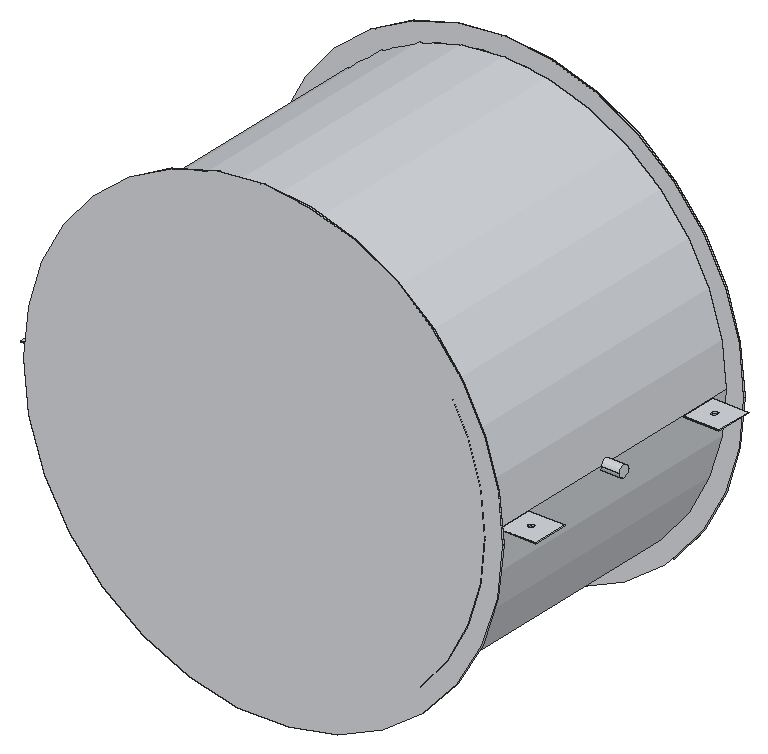
Revit family "AVAD_Horizontal_Ceiling_Mount", category Mechanical Equipment, Revit 2019
Family settings
  Round Connector Dimension = Use Radius
  Part Type = Normal
  Work Plane-Based = No
  Always vertical = Yes
  Cut with Voids When Loaded = No
  Shared = No
  Room Calculation Point = No
Parameters (values of type "79_AVAD_HOR_CEILING")
  Unit Weight [instance] = ""
  ModelID [instance] = ""
  LHalf = L / 2  # 0' - 0 17/32"
  L = 0' - 1 1/16"
  Khalf = K / 2  # 3' - 6 5/8"
  KminusA = K - A  # 0' - 6 1/2"
  K = 7' - 1 1/4"
  Ja = J - ((K - A) / 2)  # 0' - 3 1/4"
  J = 0' - 6 1/2"
  HHalf = H / 2  # 1' - 8 1/2"
  H = 3' - 5"
  La = ZERO - (C / 2)  # -3' - 5 7/16"
  ZERO = 0' - 0"  # constant formula
  Sones [instance] = ""
  Motor RPM [instance] = ""
  Motor Enclosure [instance] = ""
  LwA [instance] = ""
  G = 16' - 0"
  Fan RPM [instance] = ""
  FHalf = F / 2  # 0' - 0 11/32"
  F = 0' - 0 11/16"
  EHalf = E / 2  # 2' - 3"
  ELessTwo = E - 0' 2"  # 4' - 4"
  E = 4' - 6"
  CHAlf = C / 2  # 3' - 5 7/16"
  C = 6' - 10 7/8"
  BHalf = B / 2  # 3' - 6 25/32"
  B = 7' - 1 9/16"
  Accessories [instance] = ""
  AThrid = A / 2.5  # 2' - 7 1/2"
  AHalf = A / 2  # 3' - 3 3/8"
  A = 6' - 6 3/4"
  60 = 60.00°  # constant formula
  30 = 30.00°  # constant formula
  Three = 0' - 3"  # constant formula
  Brake Hp [instance] = ""
  Four = 0' - 4"  # constant formula
  Twentyfour = 2' - 0"
  Two = 0' - 2"  # constant formula
  One = 0' - 1"  # constant formula
  Zero = 0' - 0"  # constant formula
  Voltage [instance] = 0 V
  URL = "www.lorencook.com"
  Type Comments = "Adjustable Pitch Vane Axial Horizontal Ceiling Mount Direct Drive Arrangement 4"  # constant formula
  Static Pressure [instance] = 0.00 in-wg
  Power [instance] = Voltage * Motor FLA * sqrt(if(Phase = 3, 3, 1))  # 0 VA
  Phase [instance] = 0
  Number of Poles [instance] = 1
  Motor Hp [instance] = "0"
  Motor FLA [instance] = 0 A
  Model = "AVAD"  # constant formula
  Manufacturer = "Loren Cook Company"
  CFM [instance] = 0 CFM
  Oneandahalf = 0' - 1 1/2"  # constant formula
  ONE EIGTH = 0' - 0 1/8"  # constant formula
  Ea = -E / 2  # -2' - 3"
  Eb = -(E - 0' 0 1/4") / 2  # -2' - 2 7/8"
  Ha = 1' - 1 15/16"
  Ec = (E - 0' 0 1/4") / 2  # 2' - 2 7/8"
  Aa = (A + 0' 0 1/4") / 2  # 3' - 3 1/2"
Types (9): name | LHalf | L | Khalf | KminusA | K | Ja | J | HHalf | H | La | G | FHalf | F | EHalf | ELessTwo | E | CHAlf | C | BHalf | B | AThrid | AHalf | A | Ea | Eb | Ha | Ec | Aa
  (no name) | 0' - 0 17/32" | 0' - 1 1/16" | 3' - 6 5/8" | 0' - 6 1/2" | 7' - 1 1/4" | 0' - 3 1/4" | 0' - 6 1/2" | 1' - 8 1/2" | 3' - 5" | -3' - 5 7/16" | 16' - 0" | 0' - 0 11/32" | 0' - 0 11/16" | 2' - 3" | 4' - 4" | 4' - 6" | 3' - 5 7/16" | 6' - 10 7/8" | 3' - 6 25/32" | 7' - 1 9/16" | 2' - 7 1/2" | 3' - 3 3/8" | 6' - 6 3/4" | -2' - 3" | -2' - 2 7/8" | 1' - 1 15/16" | 2' - 2 7/8" | 3' - 3 1/2"
  35_AVAD_HOR_CEILING | 0' - 0 11/32" | 0' - 0 11/16" | 1' - 7 13/16" | 0' - 4 1/8" | 3' - 3 5/8" | 0' - 2 3/8" | 0' - 4 7/16" | 0' - 10 9/16" | 1' - 9 1/8" | -1' - 7" | 12' - 0" | 0' - 0 9/32" | 0' - 0 9/16" | 1' - 3" | 2' - 4" | 2' - 6" | 1' - 7" | 3' - 2" | 1' - 7 15/16" | 3' - 3 7/8" | 1' - 2.2" | 1' - 5 3/4" | 2' - 11 1/2" | -1' - 3" | -1' - 2 7/8" | 0' - 8 11/16" | 1' - 2 7/8" | 1' - 5 7/8"
  39_AVAD_HOR_CEILING | 0' - 0 11/32" | 0' - 0 11/16" | 1' - 9 13/16" | 0' - 4 1/4" | 3' - 7 5/8" | 0' - 2 5/16" | 0' - 4 7/16" | 0' - 10 9/16" | 1' - 9 1/8" | -1' - 8 15/16" | 12' - 0" | 0' - 0 9/32" | 0' - 0 9/16" | 1' - 3" | 2' - 4" | 2' - 6" | 1' - 8 15/16" | 3' - 5 7/8" | 1' - 9 31/32" | 3' - 7 15/16" | 1' - 3 3/4" | 1' - 7 11/16" | 3' - 3 3/8" | -1' - 3" | -1' - 2 7/8" | 0' - 8 23/32" | 1' - 2 7/8" | 1' - 7 13/16"
  44_AVAD_HOR_CEILING | 0' - 0 13/32" | 0' - 0 13/16" | 2' - 0 11/16" | 0' - 5 1/4" | 4' - 1 3/8" | 0' - 2 3/4" | 0' - 5 3/8" | 0' - 11 5/8" | 1' - 11 1/4" | -1' - 11 11/16" | 12' - 0" | 0' - 0 9/32" | 0' - 0 9/16" | 1' - 5" | 2' - 8" | 2' - 10" | 1' - 11 11/16" | 3' - 11 3/8" | 2' - 0 13/16" | 4' - 1 5/8" | 1' - 5.65" | 1' - 10 1/16" | 3' - 8 1/8" | -1' - 5" | -1' - 4 7/8" | 0' - 10 9/32" | 1' - 4 7/8" | 1' - 10 3/16"
  49_AVAD_HOR_CEILING | 0' - 0 13/32" | 0' - 0 13/16" | 2' - 3 1/4" | 0' - 5 1/4" | 4' - 6 1/2" | 0' - 2 3/4" | 0' - 5 3/8" | 0' - 11 5/8" | 1' - 11 1/4" | -2' - 2 1/4" | 12' - 0" | 0' - 0 9/32" | 0' - 0 9/16" | 1' - 5" | 2' - 8" | 2' - 10" | 2' - 2 1/4" | 4' - 4 1/2" | 2' - 3 3/8" | 4' - 6 3/4" | 1' - 7.7" | 2' - 0 5/8" | 4' - 1 1/4" | -1' - 5" | -1' - 4 7/8" | 0' - 9 15/32" | 1' - 4 7/8" | 2' - 0 3/4"
  57_AVAD_HOR_CEILING | 0' - 0 13/32" | 0' - 0 13/16" | 2' - 7 3/16" | 0' - 5 1/4" | 5' - 2 3/8" | 0' - 2 3/4" | 0' - 5 3/8" | 1' - 3 5/8" | 2' - 7 1/4" | -2' - 5 15/16" | 12' - 0" | 0' - 0 9/32" | 0' - 0 9/16" | 1' - 9" | 3' - 4" | 3' - 6" | 2' - 5 15/16" | 4' - 11 7/8" | 2' - 7 5/16" | 5' - 2 5/8" | 1' - 10.85" | 2' - 4 9/16" | 4' - 9 1/8" | -1' - 9" | -1' - 8 7/8" | 0' - 8 1/32" | 1' - 8 7/8" | 2' - 4 11/16"
  63_AVAD_HOR_CEILING | 0' - 0 17/32" | 0' - 1 1/16" | 2' - 10 5/8" | 0' - 6 1/4" | 5' - 9 1/4" | 0' - 3 3/8" | 0' - 6 1/2" | 1' - 2 1/2" | 2' - 5" | -2' - 9 1/8" | 16' - 0" | 0' - 0 11/32" | 0' - 0 11/16" | 1' - 9" | 3' - 4" | 3' - 6" | 2' - 9 1/8" | 5' - 6 1/4" | 2' - 10 1/4" | 5' - 8 1/2" | 2' - 1.2" | 2' - 7 1/2" | 5' - 3" | -1' - 9" | -1' - 8 7/8" | 0' - 7 5/8" | 1' - 8 7/8" | 2' - 7 5/8"
  71_AVAD_HOR_CEILING | 0' - 0 17/32" | 0' - 1 1/16" | 3' - 2 11/16" | 0' - 6 1/2" | 6' - 5 3/8" | 0' - 3 1/4" | 0' - 6 1/2" | 1' - 8 1/2" | 3' - 5" | -3' - 1 1/2" | 16' - 0" | 0' - 0 11/32" | 0' - 0 11/16" | 2' - 3" | 4' - 4" | 4' - 6" | 3' - 1 1/2" | 6' - 3" | 3' - 2 13/16" | 6' - 5 5/8" | 2' - 4.35" | 2' - 11 7/16" | 5' - 10 7/8" | -2' - 3" | -2' - 2 7/8" | 1' - 2 13/32" | 2' - 2 7/8" | 2' - 11 9/16"
  79_AVAD_HOR_CEILING | 0' - 0 17/32" | 0' - 1 1/16" | 3' - 6 5/8" | 0' - 6 1/2" | 7' - 1 1/4" | 0' - 3 1/4" | 0' - 6 1/2" | 1' - 8 1/2" | 3' - 5" | -3' - 5 7/16" | 16' - 0" | 0' - 0 11/32" | 0' - 0 11/16" | 2' - 3" | 4' - 4" | 4' - 6" | 3' - 5 7/16" | 6' - 10 7/8" | 3' - 6 25/32" | 7' - 1 9/16" | 2' - 7 1/2" | 3' - 3 3/8" | 6' - 6 3/4" | -2' - 3" | -2' - 2 7/8" | 1' - 1 15/16" | 2' - 2 7/8" | 3' - 3 1/2"
Reference planes (in)
  plane 1 "Center (Front/Back)": y = 0
  plane 2: z = 0
  plane 3 "Center (Left/Right)": x = 0.40541
Forms (in)
  Extrusion 1, solid
    sketch origin (0, 0, 0) x (1, 0, 0) y (0, 0, 1)
      loop
        circle (0.40541, 0) r 42.78125
    from 27 <- "EHalf" to -27 <- "Ea"
  Extrusion 2, void
    sketch origin (0, 0, 0) x (1, 0, 0) y (0, 0, 1)
      loop
        circle (0.40541, 0) r 42.78125
      loop
        circle (0.40541, 0) r 39.5
    from 26.875 <- "Ec" to -26.875 <- "Eb"
  Extrusion 3, solid
    sketch origin (0, 0, 0) x (1, 0, 0) y (0, 1, 0)
      loop
        line (-45.59459, 23.75) -> (-45.59459, 17.25) -> (-39.09459, 17.25) -> (-39.09459, 23.75) -> (-45.59459, 23.75)
      loop
        line (46.40541, 23.75) -> (39.90541, 23.75) -> (39.90541, 17.25) -> (46.40541, 17.25) -> (46.40541, 23.75)
      loop
        line (46.40541, -23.75) -> (46.40541, -17.25) -> (39.90541, -17.25) -> (39.90541, -23.75) -> (46.40541, -23.75)
      loop
        line (-45.59459, -23.75) -> (-39.09459, -23.75) -> (-39.09459, -17.25) -> (-45.59459, -17.25) -> (-45.59459, -23.75)
    from 0 to 0.125
  Extrusion 4, void
    sketch origin (0, 0, 0) x (1, 0, 0) y (0, 1, 0)
      loop
        circle (-42.21959, 20.5) r 0.53125
      loop
        circle (43.03041, 20.5) r 0.53125
      loop
        circle (43.03041, -20.5) r 0.53125
      loop
        circle (-42.21959, -20.5) r 0.53125
    from 0 to 0.125
  Extrusion 5, solid
    sketch origin (0.40541, 0, 0) x (0, 1, 0) y (0, 0, 1)
      loop
        circle (0, 0) r 1
    from 0 to 42.78125 <- "BHalf"
Cuts and joins
  Extrusion 2, Extrusion 4 cuts Extrusion 1
  Extrusion 4 cuts Extrusion 3
Dimensions and locks (in)
  "Zero": Extrusion 1 sketch curve to plane 3 "Center (Left/Right)"
  "ZERO": Extrusion 1 sketch curve to level
  "Zero": Extrusion 2 sketch curve to plane 3 "Center (Left/Right)"  (x2)
  "ZERO": Extrusion 2 sketch curve to level  (x2)
  "KminusA": Extrusion 3 sketch curve to Extrusion 3 sketch curve  (x8)
  "Aa": Extrusion 3 sketch curve to plane 3 "Center (Left/Right)"  (x4)
  "Ja": cut or joined group of Extrusion 1, Extrusion 2, Extrusion 4 to Extrusion 3 sketch curve  (x2)
  "Zero": Extrusion 3 sketch curve to Extrusion 3 sketch curve  (x2)
  "Khalf": Extrusion 4 sketch curve to plane 3 "Center (Left/Right)"  (x4)
  "HHalf": plane 1 "Center (Front/Back)" to Extrusion 4 sketch curve  (x4)
  "Zero": plane 1 "Center (Front/Back)" to Extrusion 5 sketch curve
  "Zero": Extrusion 5 sketch curve to level
  "BHalf": radius of Extrusion 1 sketch curve
  "Aa": radius of Extrusion 2 sketch curve
  "BHalf": radius of Extrusion 2 sketch curve
  "LHalf": radius of Extrusion 4 sketch curve  (x4)
  "One": radius of Extrusion 5 sketch curve
Connectors (in)
  hvac at (0.40541, -27, 0), driven by "AHalf"
    settings: on cut or joined group of Extrusion 1, Extrusion 2, Extrusion 4, index 2, duct flow 0 CFM, flow factor 0, pres drop 0.00 in-wg, loss coef 0, conn angle 0.00°, conn width 12", conn height 12", conn diameter 78 3/4", duct sys type 29, conn prof type 0, flow config 0, flow direction 2, loss method 0, conn ref index -1, conn util no, is conn primary yes, conn desc ""
  hvac at (0.40541, 27, 0), driven by "AHalf"
    settings: on cut or joined group of Extrusion 1, Extrusion 2, Extrusion 4, index 3, duct flow 0 CFM, flow factor 0, pres drop 0.00 in-wg, loss coef 0, conn angle 0.00°, conn width 12", conn height 12", conn diameter 78 3/4", duct sys type 29, conn prof type 0, flow config 0, flow direction 1, loss method 0, conn ref index -1, conn util no, is conn primary no, conn desc ""
  electrical at (43.18666, 0, 0)
    settings: on Extrusion 5, index 4, voltage 0 V, apparent load 0 VA, apparent load phase1 0 VA, apparent load phase2 0 VA, apparent load phase3 0 VA, power factor 1, load classification "Other", number of poles 1, system type 30, power factor state 1, is connector primary yes, connector utility no, sub classification motor no, connector description ""
